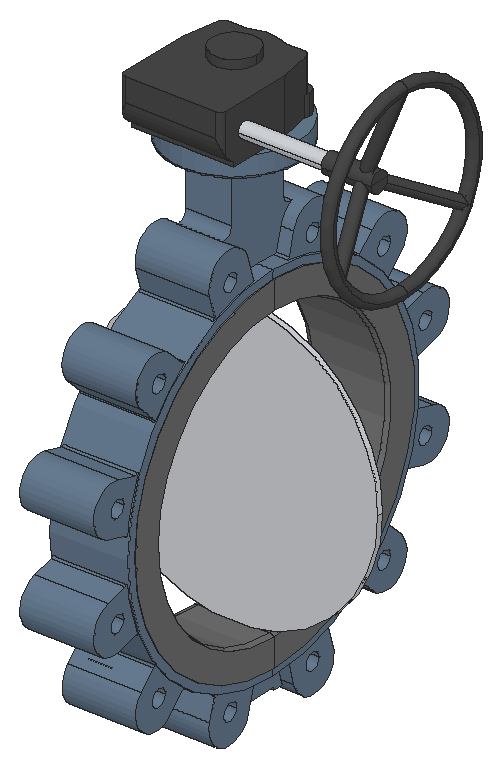
Revit family "HERZ Isolating Butterfly Valves AF-4219 with gearbox", category Rohrzubehör, Revit 2018
Family settings
  Bemaßung runder Anschluss = Durchmesser verwenden
  Teiletyp = Unterbricht
  OmniClass-Nummer = 23.65.55.14
  OmniClass-Titel = Valves for Liquid Services
  Arbeitsebenenbasiert = Nein
  Immer vertikal = Ja
  Beim Laden mit Abzugskörper schneiden = Nein
  Gemeinsam genutzt = Nein
Parameters
  Weight [instance] = size_lookup("4219_AF_G", "Gewicht", 3.8, Nennweite)  # 37.6
  URL = "www.herzvalves.com"
  Spindle = "stainless steel ASTM-A276 / Type 316"  # constant formula
  Screws [instance] = if(Nennweite = 50 mm, "4x M16x35", if(Nennweite = 65 mm, "4x M16x35", if(Nennweite = 80 mm, "8x M16x35", if(Nennweite = 100 mm, "8x M16x40", if(Nennweite = 125 mm, "8x M16x40", if(Nennweite = 150 mm, "8x M20x40", if(Nennweite = 200 mm, "12x M20x45", if(Nennweite = 250 mm, "12x M24x45", "12x M24x45"))))))))  # "12x M24x45"
  SCTWSEQ = "FW;SBT_TYP_FW=\"101\";2"
  SCTWCODE = "04;07;02"  # constant formula
  SCRNSEQ = "ARM;ARM_TYP=\"ALLF\";2"
  SCRNCODE = "05;13;02"  # constant formula
  R99 = 1.5 mm  # constant formula
  Part number [instance] = size_lookup("4219_AF_G", "Artnr", 421911, Nennweite)  # 1421979
  PN [instance] = size_lookup("4219_AF_G", "PN", 16, Nennweite)  # 10
  O-Ring = "EPDM according to ISO 1691"  # constant formula
  Min. operating temperature = "-20.00 °C with appropriate water-glycol mixture"  # constant formula
  Medium = "Heating water quality according ÖNORM H5195 or VDI-Standard 2035. The use of ethylene or propylene glycol in a\nmixing ratio 25- 50% is allowed."
  Max. operating temperature = 110 °C  # constant formula
  L04 [instance] = L01 - 3.5 mm  # 35.5 mm
  L03 [instance] = L01 + 1.5 mm  # 40.5 mm
  L02 [instance] = size_lookup("4219_AF_G", "L2", 14.5 mm, Nennweite)  # 30.5 mm
  L01 [instance] = size_lookup("4219_AF_G", "L1", 21.5 mm, Nennweite)  # 39 mm
  R01 [instance] = size_lookup("4219_AF_G", "R1", 44 mm, Nennweite)  # 65 mm
  Nennweite [instance] = 300 mm
  Hersteller = "HERZ Armaturen Ges.m.b.H."  # constant formula
  H02 [instance] = size_lookup("4219_AF_G", "H2", 13 mm, Nennweite)  # 20 mm
  H01 [instance] = size_lookup("4219_AF_G", "H1", 125 mm, Nennweite)  # 308 mm
  Flange = "according to EN1092-2"  # constant formula
  Torque in NM [instance] = size_lookup("4219_AF_G", "Nm", 20, Nennweite)  # 350
  Disc = "stainless steel 1.4408"  # constant formula
  DN80 [instance] = Nennweite = 80 mm  # no
  DN65 [instance] = Nennweite = 65 mm  # no
  DN50 [instance] = Nennweite = 50 mm  # no
  DN300 [instance] = Nennweite = 300 mm  # yes
  DN250 [instance] = Nennweite = 250 mm  # no
  DN200 [instance] = Nennweite = 200 mm  # no
  DN150 [instance] = Nennweite = 150 mm  # no
  DN125 [instance] = Nennweite = 125 mm  # no
  DN100 [instance] = Nennweite = 100 mm  # no
  D06 [instance] = size_lookup("4219_AF_G", "D6", 25.3 mm, Nennweite)  # 146.5 mm
  D05 [instance] = size_lookup("4219_AF_G", "D5", 24.5 mm, Nennweite)  # 145 mm
  D04 [instance] = D05 + 2 mm  # 147 mm
  D03 [instance] = size_lookup("4219_AF_G", "D3", 35.5 mm, Nennweite)  # 167.5 mm
  D02 [instance] = size_lookup("4219_AF_G", "D2", 41 mm, Nennweite)  # 175 mm
  D01 [instance] = size_lookup("4219_AF_G", "D1", 47 mm, Nennweite)  # 183 mm
  Body sealing = "EPDM according to ISO 1691"  # constant formula
  Body = "GGG, GJS-400-15/JS1030, according to EN1563"  # constant formula
  Application = "Suitable for fluids in building services, cold water systems, hot water saystems, etc."
Reference planes
  plane 1 "Mitte (Vorne/hinten)": y = 0
  plane 2: z = 0
  plane 3 "Mitte (Links/rechts)": x = 0
Forms (mm)
  Revolve 1, solid, material "Herz-Metall-blau", detail levels fine
    sketch origin (0, 0, 0) x (1, 0, 0) y (0, 0, 1)
      loop
        line (-30.5, 175) -> (-30.5, 167.5) -> (30.5, 167.5) -> (30.5, 175) -> (39, 175) -> (39, 183) -> (-39, 183) -> (-39, 175) -> (-30.5, 175)
      axis (-39, 0) -> (39, 0)
    angle from 0 to 360
  Revolve 2, solid, material "Herz-Metall-blau", detail levels fine
    sketch origin (0, 0, 0) x (1, 0, 0) y (0, 0, 1)
      loop
        line (-65, 308) -> (-65, 289.463)
        arc (-65, 289.463) -> (-64.673, 288.527) -> (-63.833, 288) r 1.5
        line (-63.833, 288) -> (0, 288) -> (0, 308) -> (-65, 308)
      axis (0, 308) -> (0, 288)
    angle from 0 to 360
  Extrusion 3, solid, material "Herz-Metall-blau", visible <- "DN50", detail levels fine
    sketch origin (0, 0, 0) x (0, 1, 0) y (0, 0, 1)
      loop
        line (56.215, -32.173) -> (43.95, -19.909)
        arc (43.95, -19.909) -> (43.387, -18.793) -> (43.596, -17.56) r 2
        arc (43.596, -17.56) -> (33.234, -33.234) -> (17.56, -43.596) r 47
        arc (17.56, -43.596) -> (18.793, -43.387) -> (19.909, -43.95) r 2
        line (19.909, -43.95) -> (32.173, -56.215)
        arc (32.173, -56.215) -> (56.215, -56.215) -> (56.215, -32.173) r 17
      loop
        arc (-56.215, -32.173) -> (-56.215, -56.215) -> (-32.173, -56.215) r 17
        line (-32.173, -56.215) -> (-19.909, -43.95)
        arc (-19.909, -43.95) -> (-18.793, -43.387) -> (-17.56, -43.596) r 2
        arc (-17.56, -43.596) -> (-33.234, -33.234) -> (-43.596, -17.56) r 47
        arc (-43.596, -17.56) -> (-43.387, -18.793) -> (-43.95, -19.909) r 2
        line (-43.95, -19.909) -> (-56.215, -32.173)
      loop
        arc (56.215, 32.173) -> (56.215, 56.215) -> (32.173, 56.215) r 17
        line (32.173, 56.215) -> (19.909, 43.95)
        arc (19.909, 43.95) -> (18.793, 43.387) -> (17.56, 43.596) r 2
        arc (17.56, 43.596) -> (33.234, 33.234) -> (43.596, 17.56) r 47
        arc (43.596, 17.56) -> (43.387, 18.793) -> (43.95, 19.909) r 2
        line (43.95, 19.909) -> (56.215, 32.173)
      loop
        line (-56.215, 32.173) -> (-43.95, 19.909)
        arc (-43.95, 19.909) -> (-43.387, 18.793) -> (-43.596, 17.56) r 2
        arc (-43.596, 17.56) -> (-33.234, 33.234) -> (-17.56, 43.596) r 47
        arc (-17.56, 43.596) -> (-18.793, 43.387) -> (-19.909, 43.95) r 2
        line (-19.909, 43.95) -> (-32.173, 56.215)
        arc (-32.173, 56.215) -> (-56.215, 56.215) -> (-56.215, 32.173) r 17
      loop
        circle (-44.194, 44.194) r 6.92
      loop
        circle (44.194, 44.194) r 6.92
      loop
        circle (44.194, -44.194) r 6.92
      loop
        circle (-44.194, -44.194) r 6.92
    from -19.5 to 19.5
  Extrusion 4, solid, material "Herz-Metall-blau", visible <- "DN50", detail levels fine
    sketch origin (0, 0, 0) x (0, 1, 0) y (0, 0, 1)
      loop
        line (20, 74.845) -> (20, 112) -> (-20, 112) -> (-20, 74.845)
        arc (-20, 74.845) -> (-26.046, 62.811) -> (-39.31, 60.477) r 15
        arc (-39.31, 60.477) -> (-35.477, 58.789) -> (-32.173, 56.215) r 17
        line (-32.173, 56.215) -> (-19.909, 43.95)
        arc (-19.909, 43.95) -> (-18.793, 43.387) -> (-17.56, 43.596) r 2
        arc (-17.56, 43.596) -> (0, 47) -> (17.56, 43.596) r 47
        arc (17.56, 43.596) -> (18.793, 43.387) -> (19.909, 43.95) r 2
        line (19.909, 43.95) -> (32.173, 56.215)
        arc (32.173, 56.215) -> (35.477, 58.789) -> (39.31, 60.477) r 17
        arc (39.31, 60.477) -> (26.046, 62.811) -> (20, 74.845) r 15
    from -15 to 15
  Extrusion 5, solid, material "Herz-Metall-blau", visible <- "DN50"
    sketch origin (0, 0, 0) x (0, 1, 0) y (0, 0, 1)
      loop
        arc (33.834, -58) -> (34.246, -58.062) -> (34.622, -58.243) r 1.4
        arc (34.622, -58.243) -> (33.35, -57.286) -> (32.173, -56.215) r 17
        line (32.173, -56.215) -> (19.909, -43.95)
        arc (19.909, -43.95) -> (18.793, -43.387) -> (17.56, -43.596) r 2
        arc (17.56, -43.596) -> (0, -47) -> (-17.56, -43.596) r 47
        arc (-17.56, -43.596) -> (-18.793, -43.387) -> (-19.909, -43.95) r 2
        line (-19.909, -43.95) -> (-32.173, -56.215)
        arc (-32.173, -56.215) -> (-33.35, -57.286) -> (-34.622, -58.243) r 17
        arc (-34.622, -58.243) -> (-34.246, -58.062) -> (-33.834, -58) r 1.4
        line (-33.834, -58) -> (-16.963, -58)
        arc (-16.963, -58) -> (-15.575, -58.575) -> (-15, -59.963) r 1.963
        line (-15, -59.963) -> (-15, -61) -> (15, -61) -> (15, -59.963)
        arc (15, -59.963) -> (15.575, -58.575) -> (16.963, -58) r 1.963
        line (16.963, -58) -> (33.834, -58)
    from -15 to 15
  Revolve 6, solid, material "Gummi", detail levels fine
    sketch origin (-134.5, 0, 0) x (1, 0, 0) y (0, 0, 1)
      loop
        line (94, 175) -> (94, 147) -> (99, 145) -> (170, 145) -> (175, 147) -> (175, 175) -> (165, 175) -> (165, 167.5) -> (104, 167.5) -> (104, 175) -> (94, 175)
      axis (94, 0) -> (175, 0)
    angle from 0 to 360
  Extrusion 7, solid, detail levels fine
    sketch origin (0, 0, 0) x (1, 0, 0) y (0, 0, 1)
      loop
        circle (0, 0) r 146.5
    from -2.5 to 2.5
  Extrusion 8, solid, material "Herz-Metall-blau", visible <- "DN65", detail levels fine
    sketch origin (0, -300, 0) x (0, 1, 0) y (0, 0, 1)
      loop
        circle (351.265, 51.265) r 6.92
      loop
        arc (363.286, 39.244) -> (363.286, 63.286) -> (339.244, 63.286) r 17
        line (339.244, 63.286) -> (328.595, 52.636)
        arc (328.595, 52.636) -> (327.499, 52.076) -> (326.282, 52.264) r 2
        arc (326.282, 52.264) -> (341.366, 41.366) -> (352.264, 26.282) r 58.501
        arc (352.264, 26.282) -> (352.087, 27.51) -> (352.656, 28.614) r 2.038
        line (352.656, 28.614) -> (363.286, 39.244)
      loop
        circle (351.265, -51.265) r 6.92
      loop
        line (363.286, -39.244) -> (352.656, -28.614)
        arc (352.656, -28.614) -> (352.087, -27.51) -> (352.264, -26.282) r 2.038
        arc (352.264, -26.282) -> (341.366, -41.366) -> (326.282, -52.264) r 58.501
        arc (326.282, -52.264) -> (327.499, -52.076) -> (328.595, -52.636) r 2
        line (328.595, -52.636) -> (339.244, -63.286)
        arc (339.244, -63.286) -> (363.286, -63.286) -> (363.286, -39.244) r 17
      loop
        circle (248.735, 51.265) r 6.92
      loop
        line (236.714, 39.244) -> (247.344, 28.614)
        arc (247.344, 28.614) -> (247.913, 27.51) -> (247.736, 26.282) r 2.038
        arc (247.736, 26.282) -> (258.634, 41.366) -> (273.718, 52.264) r 58.501
        arc (273.718, 52.264) -> (272.501, 52.076) -> (271.405, 52.636) r 2
        line (271.405, 52.636) -> (260.756, 63.286)
        arc (260.756, 63.286) -> (236.714, 63.286) -> (236.714, 39.244) r 17
      loop
        circle (248.735, -51.265) r 6.92
      loop
        arc (236.714, -39.244) -> (236.714, -63.286) -> (260.756, -63.286) r 17
        line (260.756, -63.286) -> (271.405, -52.636)
        arc (271.405, -52.636) -> (272.501, -52.076) -> (273.718, -52.264) r 2
        arc (273.718, -52.264) -> (258.634, -41.366) -> (247.736, -26.282) r 58.501
        arc (247.736, -26.282) -> (247.913, -27.51) -> (247.344, -28.614) r 2.038
        line (247.344, -28.614) -> (236.714, -39.244)
    from -21 to 21
  Extrusion 9, solid, material "Herz-Metall-blau", visible <- "DN65", detail levels fine
    sketch origin (0, -300, 0) x (0, 1, 0) y (0, 0, 1)
      loop
        line (278, 136.5) -> (278, 78.286)
        arc (278, 78.286) -> (272.889, 69.099) -> (263, 65.53) r 14.984
        line (263, 65.53) -> (257.982, 65.53)
        arc (257.982, 65.53) -> (259.428, 64.481) -> (260.756, 63.286) r 17
        line (260.756, 63.286) -> (271.405, 52.636)
        arc (271.405, 52.636) -> (272.501, 52.076) -> (273.718, 52.264) r 2
        arc (273.718, 52.264) -> (300, 58.5) -> (326.282, 52.264) r 58.5
        arc (326.282, 52.264) -> (327.499, 52.076) -> (328.595, 52.636) r 2
        line (328.595, 52.636) -> (339.244, 63.286)
        arc (339.244, 63.286) -> (340.572, 64.481) -> (342.018, 65.53) r 17
        line (342.018, 65.53) -> (337, 65.53)
        arc (337, 65.53) -> (327.111, 69.099) -> (322, 78.286) r 14.984
        line (322, 78.286) -> (322, 136.5) -> (278, 136.5)
      loop
        arc (260.756, -63.286) -> (259.428, -64.481) -> (257.982, -65.53) r 17
        line (257.982, -65.53) -> (280.029, -65.53)
        arc (280.029, -65.53) -> (281.423, -66.108) -> (282, -67.501) r 1.971
        line (282, -67.501) -> (282, -74) -> (318, -74) -> (318, -67.527)
        arc (318, -67.527) -> (318.585, -66.115) -> (319.997, -65.53) r 1.997
        line (319.997, -65.53) -> (342.018, -65.53)
        arc (342.018, -65.53) -> (340.572, -64.481) -> (339.244, -63.286) r 17
        line (339.244, -63.286) -> (328.595, -52.636)
        arc (328.595, -52.636) -> (327.499, -52.076) -> (326.282, -52.264) r 2
        arc (326.282, -52.264) -> (300, -58.5) -> (273.718, -52.264) r 58.5
        arc (273.718, -52.264) -> (272.501, -52.076) -> (271.405, -52.636) r 2
        line (271.405, -52.636) -> (260.756, -63.286)
    from -18 to 18
  Extrusion 10, solid, material "Herz-Metall-blau", visible <- "DN80", detail levels fine
    sketch origin (0, -300, 0) x (0, 1, 0) y (0, 0, 1)
      loop
        circle (269.385, 73.91) r 6.92
      loop
        arc (285.091, 80.416) -> (262.88, 89.616) -> (253.679, 67.405) r 17
        line (253.679, 67.405) -> (259.513, 53.322)
        arc (259.513, 53.322) -> (259.602, 52.073) -> (258.924, 51.02) r 1.982
        arc (258.924, 51.02) -> (274.934, 60.514) -> (292.968, 65.121) r 65.5
        arc (292.968, 65.121) -> (291.745, 65.388) -> (290.924, 66.335) r 1.984
        line (290.924, 66.335) -> (285.091, 80.416)
      loop
        circle (226.09, 30.615) r 6.92
      loop
        line (219.584, 14.909) -> (233.665, 9.076)
        arc (233.665, 9.076) -> (234.612, 8.255) -> (234.879, 7.032) r 1.984
        arc (234.879, 7.032) -> (239.486, 25.066) -> (248.98, 41.076) r 65.5
        arc (248.98, 41.076) -> (247.927, 40.398) -> (246.678, 40.487) r 1.982
        line (246.678, 40.487) -> (232.595, 46.321)
        arc (232.595, 46.321) -> (210.384, 37.12) -> (219.584, 14.909) r 17
      loop
        circle (269.385, -73.91) r 6.92
      loop
        line (285.091, -80.416) -> (290.924, -66.335)
        arc (290.924, -66.335) -> (291.745, -65.388) -> (292.968, -65.121) r 1.984
        arc (292.968, -65.121) -> (274.934, -60.514) -> (258.924, -51.02) r 65.5
        arc (258.924, -51.02) -> (259.602, -52.073) -> (259.513, -53.322) r 1.982
        line (259.513, -53.322) -> (253.679, -67.405)
        arc (253.679, -67.405) -> (262.88, -89.616) -> (285.091, -80.416) r 17
      loop
        circle (226.09, -30.615) r 6.92
      loop
        arc (219.584, -14.909) -> (210.384, -37.12) -> (232.595, -46.321) r 17
        line (232.595, -46.321) -> (246.678, -40.487)
        arc (246.678, -40.487) -> (247.927, -40.398) -> (248.98, -41.076) r 1.982
        arc (248.98, -41.076) -> (239.486, -25.066) -> (234.879, -7.032) r 65.5
        arc (234.879, -7.032) -> (234.612, -8.255) -> (233.665, -9.076) r 1.984
        line (233.665, -9.076) -> (219.584, -14.909)
      loop
        circle (330.615, 73.91) r 6.92
      loop
        line (314.909, 80.416) -> (309.076, 66.335)
        arc (309.076, 66.335) -> (308.255, 65.388) -> (307.032, 65.121) r 1.984
        arc (307.032, 65.121) -> (325.066, 60.514) -> (341.076, 51.02) r 65.5
        arc (341.076, 51.02) -> (340.398, 52.073) -> (340.487, 53.322) r 1.982
        line (340.487, 53.322) -> (346.321, 67.405)
        arc (346.321, 67.405) -> (337.12, 89.616) -> (314.909, 80.416) r 17
      loop
        circle (373.91, 30.615) r 6.92
      loop
        arc (380.416, 14.909) -> (389.616, 37.12) -> (367.405, 46.321) r 17
        line (367.405, 46.321) -> (353.322, 40.487)
        arc (353.322, 40.487) -> (352.073, 40.398) -> (351.02, 41.076) r 1.982
        arc (351.02, 41.076) -> (360.514, 25.066) -> (365.121, 7.032) r 65.5
        arc (365.121, 7.032) -> (365.388, 8.255) -> (366.335, 9.076) r 1.984
        line (366.335, 9.076) -> (380.416, 14.909)
      loop
        circle (330.615, -73.91) r 6.92
      loop
        arc (314.909, -80.416) -> (337.12, -89.616) -> (346.321, -67.405) r 17
        line (346.321, -67.405) -> (340.487, -53.322)
        arc (340.487, -53.322) -> (340.398, -52.073) -> (341.076, -51.02) r 1.982
        arc (341.076, -51.02) -> (325.066, -60.514) -> (307.032, -65.121) r 65.5
        arc (307.032, -65.121) -> (308.255, -65.388) -> (309.076, -66.335) r 1.984
        line (309.076, -66.335) -> (314.909, -80.416)
      loop
        circle (373.91, -30.615) r 6.92
      loop
        line (380.416, -14.909) -> (366.335, -9.076)
        arc (366.335, -9.076) -> (365.388, -8.255) -> (365.121, -7.032) r 1.984
        arc (365.121, -7.032) -> (360.514, -25.066) -> (351.02, -41.076) r 65.5
        arc (351.02, -41.076) -> (352.073, -40.398) -> (353.322, -40.487) r 1.982
        line (353.322, -40.487) -> (367.405, -46.321)
        arc (367.405, -46.321) -> (389.616, -37.12) -> (380.416, -14.909) r 17
    from -21 to 21
  Extrusion 11, solid, material "Herz-Metall-blau", visible <- "DN80", detail levels fine
    sketch origin (0, -300, 0) x (0, 1, 0) y (0, 0, 1)
      loop
        line (278, 143.5) -> (278, 100.814)
        arc (278, 100.814) -> (275.545, 94.251) -> (269.385, 90.91) r 10
        arc (269.385, 90.91) -> (278.83, 88.045) -> (285.091, 80.416) r 17
        line (285.091, 80.416) -> (290.924, 66.335)
        arc (290.924, 66.335) -> (291.744, 65.388) -> (292.968, 65.121) r 1.984
        arc (292.968, 65.121) -> (300, 65.497) -> (307.032, 65.121) r 66.05
        arc (307.032, 65.121) -> (308.256, 65.388) -> (309.076, 66.335) r 1.984
        line (309.076, 66.335) -> (314.909, 80.416)
        arc (314.909, 80.416) -> (321.17, 88.045) -> (330.615, 90.91) r 17
        arc (330.615, 90.91) -> (324.455, 94.251) -> (322, 100.814) r 10
        line (322, 100.814) -> (322, 143.5) -> (278, 143.5)
      loop
        line (285.091, -80.416) -> (286.5, -80.946) -> (313.5, -80.946) -> (314.89, -80.371) -> (309.076, -66.335)
        arc (309.076, -66.335) -> (308.256, -65.388) -> (307.032, -65.121) r 1.984
        arc (307.032, -65.121) -> (300, -65.497) -> (292.968, -65.121) r 66.05
        arc (292.968, -65.121) -> (291.744, -65.388) -> (290.924, -66.335) r 1.984
        line (290.924, -66.335) -> (285.091, -80.416)
    from -18.5 to 18.5
  Extrusion 12, solid, material "Herz-Metall-blau", visible <- "DN100", detail levels fine
    sketch origin (0, -300, 0) x (0, 1, 0) y (0, 0, 1)
      loop
        circle (265.558, 83.149) r 6.92
      loop
        arc (281.264, 89.655) -> (259.053, 98.855) -> (249.853, 76.644) r 17
        line (249.853, 76.644) -> (255.731, 62.451)
        arc (255.731, 62.451) -> (255.813, 61.14) -> (255.074, 60.055) r 2.025
        arc (255.074, 60.055) -> (271.3, 69.291) -> (289.305, 74.233) r 75
        arc (289.305, 74.233) -> (288.012, 74.478) -> (287.142, 75.464) r 2.027
        line (287.142, 75.464) -> (281.264, 89.655)
      loop
        circle (216.851, 34.442) r 6.92
      loop
        line (210.345, 18.736) -> (224.536, 12.858)
        arc (224.536, 12.858) -> (225.522, 11.988) -> (225.767, 10.695) r 2.027
        arc (225.767, 10.695) -> (230.709, 28.7) -> (239.945, 44.926) r 75
        arc (239.945, 44.926) -> (238.86, 44.187) -> (237.549, 44.269) r 2.025
        line (237.549, 44.269) -> (223.356, 50.147)
        arc (223.356, 50.147) -> (201.145, 40.947) -> (210.345, 18.736) r 17
      loop
        circle (265.558, -83.149) r 6.92
      loop
        line (281.264, -89.655) -> (287.142, -75.464)
        arc (287.142, -75.464) -> (288.012, -74.478) -> (289.305, -74.233) r 2.027
        arc (289.305, -74.233) -> (271.3, -69.291) -> (255.074, -60.055) r 75
        arc (255.074, -60.055) -> (255.813, -61.14) -> (255.731, -62.451) r 2.025
        line (255.731, -62.451) -> (249.853, -76.644)
        arc (249.853, -76.644) -> (259.053, -98.855) -> (281.264, -89.655) r 17
      loop
        circle (216.851, -34.442) r 6.92
      loop
        arc (210.345, -18.736) -> (201.145, -40.947) -> (223.356, -50.147) r 17
        line (223.356, -50.147) -> (237.549, -44.269)
        arc (237.549, -44.269) -> (238.86, -44.187) -> (239.945, -44.926) r 2.025
        arc (239.945, -44.926) -> (230.709, -28.7) -> (225.767, -10.695) r 75
        arc (225.767, -10.695) -> (225.522, -11.988) -> (224.536, -12.858) r 2.027
        line (224.536, -12.858) -> (210.345, -18.736)
      loop
        circle (334.442, 83.149) r 6.92
      loop
        line (318.736, 89.655) -> (312.858, 75.464)
        arc (312.858, 75.464) -> (311.988, 74.478) -> (310.695, 74.233) r 2.027
        arc (310.695, 74.233) -> (328.7, 69.291) -> (344.926, 60.055) r 75
        arc (344.926, 60.055) -> (344.187, 61.14) -> (344.269, 62.451) r 2.025
        line (344.269, 62.451) -> (350.147, 76.644)
        arc (350.147, 76.644) -> (340.947, 98.855) -> (318.736, 89.655) r 17
      loop
        circle (383.149, 34.442) r 6.92
      loop
        arc (389.655, 18.736) -> (398.855, 40.947) -> (376.644, 50.147) r 17
        line (376.644, 50.147) -> (362.451, 44.269)
        arc (362.451, 44.269) -> (361.14, 44.187) -> (360.055, 44.926) r 2.025
        arc (360.055, 44.926) -> (369.291, 28.7) -> (374.233, 10.695) r 75
        arc (374.233, 10.695) -> (374.478, 11.988) -> (375.464, 12.858) r 2.027
        line (375.464, 12.858) -> (389.655, 18.736)
      loop
        circle (334.442, -83.149) r 6.92
      loop
        arc (318.736, -89.655) -> (340.947, -98.855) -> (350.147, -76.644) r 17
        line (350.147, -76.644) -> (344.269, -62.451)
        arc (344.269, -62.451) -> (344.187, -61.14) -> (344.926, -60.055) r 2.025
        arc (344.926, -60.055) -> (328.7, -69.291) -> (310.695, -74.233) r 75
        arc (310.695, -74.233) -> (311.988, -74.478) -> (312.858, -75.464) r 2.027
        line (312.858, -75.464) -> (318.736, -89.655)
      loop
        circle (383.149, -34.442) r 6.92
      loop
        line (389.655, -18.736) -> (375.464, -12.858)
        arc (375.464, -12.858) -> (374.478, -11.988) -> (374.233, -10.695) r 2.027
        arc (374.233, -10.695) -> (369.291, -28.7) -> (360.055, -44.926) r 75
        arc (360.055, -44.926) -> (361.14, -44.187) -> (362.451, -44.269) r 2.025
        line (362.451, -44.269) -> (376.644, -50.147)
        arc (376.644, -50.147) -> (398.855, -40.947) -> (389.655, -18.736) r 17
    from -24 to 24
  Extrusion 13, solid, material "Herz-Metall-blau", visible <- "DN100", detail levels fine
    sketch origin (0, -300, 0) x (0, 1, 0) y (0, 0, 1)
      loop
        line (274, 167) -> (274, 114.47)
        arc (274, 114.47) -> (270.644, 105.014) -> (262.078, 99.789) r 15
        arc (262.078, 99.789) -> (273.498, 98.181) -> (281.264, 89.655) r 17
        line (281.264, 89.655) -> (287.142, 75.464)
        arc (287.142, 75.464) -> (288.012, 74.478) -> (289.305, 74.233) r 2.027
        arc (289.305, 74.233) -> (300, 75) -> (310.695, 74.233) r 75
        arc (310.695, 74.233) -> (311.988, 74.478) -> (312.858, 75.464) r 2.027
        line (312.858, 75.464) -> (318.736, 89.655)
        arc (318.736, 89.655) -> (326.502, 98.181) -> (337.922, 99.789) r 17
        arc (337.922, 99.789) -> (329.356, 105.014) -> (326, 114.47) r 15
        line (326, 114.47) -> (326, 167) -> (274, 167)
      loop
        line (286.5, -93) -> (313.5, -93) -> (313.5, -96) -> (323.312, -96)
        arc (323.312, -96) -> (320.654, -93.094) -> (318.736, -89.655) r 17
        line (318.736, -89.655) -> (312.858, -75.464)
        arc (312.858, -75.464) -> (311.988, -74.478) -> (310.695, -74.233) r 2.027
        arc (310.695, -74.233) -> (300, -75) -> (289.305, -74.233) r 75
        arc (289.305, -74.233) -> (288.012, -74.478) -> (287.142, -75.464) r 2.027
        line (287.142, -75.464) -> (281.264, -89.655)
        arc (281.264, -89.655) -> (279.346, -93.094) -> (276.688, -96) r 17
        line (276.688, -96) -> (286.5, -96) -> (286.5, -93)
    from -18 to 18
  Extrusion 14, solid, material "Herz-Metall-blau", visible <- "DN125", detail levels fine
    sketch origin (0, -300, 0) x (0, 1, 0) y (0, 0, 1)
      loop
        circle (259.818, 97.007) r 6.92
      loop
        arc (275.524, 103.513) -> (253.313, 112.713) -> (244.112, 90.502) r 17
        line (244.112, 90.502) -> (249.217, 78.179)
        arc (249.217, 78.179) -> (249.286, 76.825) -> (248.485, 75.731) r 2.023
        arc (248.485, 75.731) -> (264.902, 84.594) -> (282.772, 89.957) r 91.852
        arc (282.772, 89.957) -> (281.505, 90.18) -> (280.649, 91.141) r 1.958
        line (280.649, 91.141) -> (275.524, 103.513)
      loop
        circle (202.993, 40.182) r 6.92
      loop
        line (196.487, 24.476) -> (208.859, 19.351)
        arc (208.859, 19.351) -> (209.82, 18.495) -> (210.043, 17.228) r 1.958
        arc (210.043, 17.228) -> (215.406, 35.098) -> (224.269, 51.515) r 91.852
        arc (224.269, 51.515) -> (223.175, 50.714) -> (221.821, 50.783) r 2.023
        line (221.821, 50.783) -> (209.498, 55.888)
        arc (209.498, 55.888) -> (187.287, 46.687) -> (196.487, 24.476) r 17
      loop
        circle (259.818, -97.007) r 6.92
      loop
        line (275.524, -103.513) -> (280.649, -91.141)
        arc (280.649, -91.141) -> (281.505, -90.18) -> (282.772, -89.957) r 1.958
        arc (282.772, -89.957) -> (264.902, -84.594) -> (248.485, -75.731) r 91.852
        arc (248.485, -75.731) -> (249.286, -76.825) -> (249.217, -78.179) r 2.023
        line (249.217, -78.179) -> (244.112, -90.502)
        arc (244.112, -90.502) -> (253.313, -112.713) -> (275.524, -103.513) r 17
      loop
        circle (202.993, -40.182) r 6.92
      loop
        arc (196.487, -24.476) -> (187.287, -46.687) -> (209.498, -55.888) r 17
        line (209.498, -55.888) -> (221.821, -50.783)
        arc (221.821, -50.783) -> (223.175, -50.714) -> (224.269, -51.515) r 2.023
        arc (224.269, -51.515) -> (215.406, -35.098) -> (210.043, -17.228) r 91.852
        arc (210.043, -17.228) -> (209.82, -18.495) -> (208.859, -19.351) r 1.958
        line (208.859, -19.351) -> (196.487, -24.476)
      loop
        circle (340.182, 97.007) r 6.92
      loop
        line (324.476, 103.513) -> (319.351, 91.141)
        arc (319.351, 91.141) -> (318.495, 90.18) -> (317.228, 89.957) r 1.958
        arc (317.228, 89.957) -> (335.098, 84.594) -> (351.515, 75.731) r 91.852
        arc (351.515, 75.731) -> (350.714, 76.825) -> (350.783, 78.179) r 2.023
        line (350.783, 78.179) -> (355.888, 90.502)
        arc (355.888, 90.502) -> (346.687, 112.713) -> (324.476, 103.513) r 17
      loop
        circle (397.007, 40.182) r 6.92
      loop
        arc (403.513, 24.476) -> (412.713, 46.687) -> (390.502, 55.888) r 17
        line (390.502, 55.888) -> (378.179, 50.783)
        arc (378.179, 50.783) -> (376.825, 50.714) -> (375.731, 51.515) r 2.023
        arc (375.731, 51.515) -> (384.594, 35.098) -> (389.957, 17.228) r 91.852
        arc (389.957, 17.228) -> (390.18, 18.495) -> (391.141, 19.351) r 1.958
        line (391.141, 19.351) -> (403.513, 24.476)
      loop
        circle (340.182, -97.007) r 6.92
      loop
        arc (324.476, -103.513) -> (346.687, -112.713) -> (355.888, -90.502) r 17
        line (355.888, -90.502) -> (350.783, -78.179)
        arc (350.783, -78.179) -> (350.714, -76.825) -> (351.515, -75.731) r 2.023
        arc (351.515, -75.731) -> (335.098, -84.594) -> (317.228, -89.957) r 91.852
        arc (317.228, -89.957) -> (318.495, -90.18) -> (319.351, -91.141) r 1.958
        line (319.351, -91.141) -> (324.476, -103.513)
      loop
        circle (397.007, -40.182) r 6.92
      loop
        line (403.513, -24.476) -> (391.141, -19.351)
        arc (391.141, -19.351) -> (390.18, -18.495) -> (389.957, -17.228) r 1.958
        arc (389.957, -17.228) -> (384.594, -35.098) -> (375.731, -51.515) r 91.852
        arc (375.731, -51.515) -> (376.825, -50.714) -> (378.179, -50.783) r 2.023
        line (378.179, -50.783) -> (390.502, -55.888)
        arc (390.502, -55.888) -> (412.713, -46.687) -> (403.513, -24.476) r 17
    from -26 to 26
  Extrusion 15, solid, material "Herz-Metall-blau", visible <- "DN125", detail levels fine
    sketch origin (0, -300, 0) x (0, 1, 0) y (0, 0, 1)
      loop
        line (273.999, 186) -> (273.95, 123.689)
        arc (273.95, 123.689) -> (270.458, 116.096) -> (262.42, 113.807) r 10
        arc (262.42, 113.807) -> (270.32, 110.376) -> (275.524, 103.513) r 17
        line (275.524, 103.513) -> (280.649, 91.141)
        arc (280.649, 91.141) -> (281.528, 90.167) -> (282.825, 89.967) r 1.958
        arc (282.825, 89.967) -> (299.999, 91.589) -> (317.173, 89.967) r 91.7
        arc (317.173, 89.967) -> (318.469, 90.167) -> (319.348, 91.141) r 1.958
        line (319.348, 91.141) -> (324.473, 103.513)
        arc (324.473, 103.513) -> (329.677, 110.376) -> (337.577, 113.807) r 17
        arc (337.577, 113.807) -> (329.539, 116.096) -> (325.999, 123.689) r 10
        line (325.999, 123.689) -> (325.999, 186) -> (273.999, 186)
      loop
        line (286.499, -110.51) -> (313.499, -110.51) -> (313.499, -113.51) -> (336.099, -113.51)
        arc (336.099, -113.51) -> (329.095, -109.897) -> (324.473, -103.513) r 17
        line (324.473, -103.513) -> (319.348, -91.141)
        arc (319.348, -91.141) -> (318.469, -90.167) -> (317.173, -89.967) r 1.958
        arc (317.173, -89.967) -> (299.999, -91.589) -> (282.825, -89.967) r 91.7
        arc (282.825, -89.967) -> (281.528, -90.167) -> (280.649, -91.141) r 1.958
        line (280.649, -91.141) -> (275.524, -103.513)
        arc (275.524, -103.513) -> (270.902, -109.897) -> (263.898, -113.51) r 17
        line (263.898, -113.51) -> (286.499, -113.51) -> (286.499, -110.51)
    from -18 to 18
  Extrusion 16, solid, material "Herz-Metall-blau", visible <- "DN150", detail levels fine
    sketch origin (0, -300, 0) x (0, 1, 0) y (0, 0, 1)
      loop
        circle (254.078, 110.866) r 8.645
      loop
        arc (273.479, 118.902) -> (246.042, 130.267) -> (234.677, 102.829) r 21
        line (234.677, 102.829) -> (241.591, 86.136)
        arc (241.591, 86.136) -> (241.664, 84.82) -> (240.899, 83.746) r 1.993
        arc (240.899, 83.746) -> (260.776, 94.698) -> (282.575, 101.008) r 102.504
        arc (282.575, 101.008) -> (281.263, 101.248) -> (280.379, 102.246) r 2.042
        line (280.379, 102.246) -> (273.479, 118.902)
      loop
        circle (189.134, 45.922) r 8.645
      loop
        line (181.098, 26.521) -> (197.754, 19.621)
        arc (197.754, 19.621) -> (198.752, 18.737) -> (198.992, 17.425) r 2.042
        arc (198.992, 17.425) -> (205.302, 39.224) -> (216.254, 59.101) r 102.504
        arc (216.254, 59.101) -> (215.18, 58.336) -> (213.864, 58.409) r 1.993
        line (213.864, 58.409) -> (197.171, 65.323)
        arc (197.171, 65.323) -> (169.733, 53.958) -> (181.098, 26.521) r 21
      loop
        circle (254.078, -110.866) r 8.645
      loop
        line (273.479, -118.902) -> (280.379, -102.246)
        arc (280.379, -102.246) -> (281.263, -101.248) -> (282.575, -101.008) r 2.042
        arc (282.575, -101.008) -> (260.776, -94.698) -> (240.899, -83.746) r 102.504
        arc (240.899, -83.746) -> (241.664, -84.82) -> (241.591, -86.136) r 1.993
        line (241.591, -86.136) -> (234.677, -102.829)
        arc (234.677, -102.829) -> (246.042, -130.267) -> (273.479, -118.902) r 21
      loop
        circle (189.134, -45.922) r 8.645
      loop
        arc (181.098, -26.521) -> (169.733, -53.958) -> (197.171, -65.323) r 21
        line (197.171, -65.323) -> (213.864, -58.409)
        arc (213.864, -58.409) -> (215.18, -58.336) -> (216.254, -59.101) r 1.993
        arc (216.254, -59.101) -> (205.302, -39.224) -> (198.992, -17.425) r 102.504
        arc (198.992, -17.425) -> (198.752, -18.737) -> (197.754, -19.621) r 2.042
        line (197.754, -19.621) -> (181.098, -26.521)
      loop
        circle (345.922, 110.866) r 8.645
      loop
        line (326.521, 118.902) -> (319.621, 102.246)
        arc (319.621, 102.246) -> (318.737, 101.248) -> (317.425, 101.008) r 2.042
        arc (317.425, 101.008) -> (339.224, 94.698) -> (359.101, 83.746) r 102.504
        arc (359.101, 83.746) -> (358.336, 84.82) -> (358.409, 86.136) r 1.993
        line (358.409, 86.136) -> (365.323, 102.829)
        arc (365.323, 102.829) -> (353.958, 130.267) -> (326.521, 118.902) r 21
      loop
        circle (410.866, 45.922) r 8.645
      loop
        arc (418.902, 26.521) -> (430.267, 53.958) -> (402.829, 65.323) r 21
        line (402.829, 65.323) -> (386.136, 58.409)
        arc (386.136, 58.409) -> (384.82, 58.336) -> (383.746, 59.101) r 1.993
        arc (383.746, 59.101) -> (394.698, 39.224) -> (401.008, 17.425) r 102.504
        arc (401.008, 17.425) -> (401.248, 18.737) -> (402.246, 19.621) r 2.042
        line (402.246, 19.621) -> (418.902, 26.521)
      loop
        circle (345.922, -110.866) r 8.645
      loop
        arc (326.521, -118.902) -> (353.958, -130.267) -> (365.323, -102.829) r 21
        line (365.323, -102.829) -> (358.409, -86.136)
        arc (358.409, -86.136) -> (358.336, -84.82) -> (359.101, -83.746) r 1.993
        arc (359.101, -83.746) -> (339.224, -94.698) -> (317.425, -101.008) r 102.504
        arc (317.425, -101.008) -> (318.737, -101.248) -> (319.621, -102.246) r 2.042
        line (319.621, -102.246) -> (326.521, -118.902)
      loop
        circle (410.866, -45.922) r 8.645
      loop
        line (418.902, -26.521) -> (402.246, -19.621)
        arc (402.246, -19.621) -> (401.248, -18.737) -> (401.008, -17.425) r 2.042
        arc (401.008, -17.425) -> (394.698, -39.224) -> (383.746, -59.101) r 102.504
        arc (383.746, -59.101) -> (384.82, -58.336) -> (386.136, -58.409) r 1.993
        line (386.136, -58.409) -> (402.829, -65.323)
        arc (402.829, -65.323) -> (430.267, -53.958) -> (418.902, -26.521) r 21
    from -26 to 26
  Extrusion 17, solid, material "Herz-Metall-blau", visible <- "DN150", detail levels fine
    sketch origin (0, -300, 0) x (0, 1, 0) y (0, 0, 1)
      loop
        line (274, 199) -> (274, 135)
        arc (274, 135) -> (272.527, 129.776) -> (268.541, 126.091) r 10
        arc (268.541, 126.091) -> (271.388, 122.755) -> (273.479, 118.902) r 21
        line (273.479, 118.902) -> (280.379, 102.246)
        arc (280.379, 102.246) -> (281.28, 101.239) -> (282.612, 101.014) r 2.042
        arc (282.612, 101.014) -> (300, 102.5) -> (317.388, 101.014) r 102.5
        arc (317.388, 101.014) -> (318.72, 101.239) -> (319.621, 102.246) r 2.042
        line (319.621, 102.246) -> (326.521, 118.902)
        arc (326.521, 118.902) -> (328.612, 122.755) -> (331.459, 126.091) r 21
        arc (331.459, 126.091) -> (327.473, 129.776) -> (326, 135) r 10
        line (326, 135) -> (326, 199) -> (274, 199)
      loop
        line (286.5, -122.5) -> (313.5, -122.5) -> (313.5, -125.5) -> (330.861, -125.5)
        arc (330.861, -125.5) -> (328.378, -122.407) -> (326.521, -118.902) r 21
        line (326.521, -118.902) -> (319.621, -102.246)
        arc (319.621, -102.246) -> (318.72, -101.239) -> (317.388, -101.014) r 2.042
        arc (317.388, -101.014) -> (300, -102.5) -> (282.612, -101.014) r 102.5
        arc (282.612, -101.014) -> (281.28, -101.239) -> (280.379, -102.246) r 2.042
        line (280.379, -102.246) -> (273.479, -118.902)
        arc (273.479, -118.902) -> (271.622, -122.407) -> (269.139, -125.5) r 21
        line (269.139, -125.5) -> (286.5, -125.5) -> (286.5, -122.5)
    from -18 to 18
  Extrusion 18, solid, material "Herz-Metall-blau", visible <- "DN200", detail levels fine
    sketch origin (0, -400, 0) x (0, 1, 0) y (0, 0, 1)
      loop
        circle (361.824, 142.474) r 8.645
      loop
        arc (382.109, 147.909) -> (356.389, 162.759) -> (341.54, 137.039) r 21
        line (341.54, 137.039) -> (345.801, 121.136)
        arc (345.801, 121.136) -> (345.679, 119.74) -> (344.688, 118.75) r 2.048
        arc (344.688, 118.75) -> (366.062, 126.527) -> (388.459, 130.491) r 131
        arc (388.459, 130.491) -> (387.159, 130.838) -> (386.388, 131.939) r 1.965
        line (386.388, 131.939) -> (382.109, 147.909)
      loop
        circle (257.526, 38.176) r 8.645
      loop
        line (252.091, 17.891) -> (268.061, 13.612)
        arc (268.061, 13.612) -> (269.162, 12.841) -> (269.509, 11.541) r 1.965
        arc (269.509, 11.541) -> (273.473, 33.938) -> (281.25, 55.312) r 131
        arc (281.25, 55.312) -> (280.26, 54.321) -> (278.864, 54.199) r 2.048
        line (278.864, 54.199) -> (262.961, 58.46)
        arc (262.961, 58.46) -> (237.241, 43.611) -> (252.091, 17.891) r 21
      loop
        circle (295.702, 104.298) r 8.645
      loop
        line (280.853, 89.449) -> (292.543, 77.758)
        arc (292.543, 77.758) -> (293.111, 76.539) -> (292.762, 75.24) r 1.965
        arc (292.762, 75.24) -> (307.393, 92.655) -> (324.816, 107.277) r 131
        arc (324.816, 107.277) -> (323.463, 106.914) -> (322.193, 107.506) r 2.048
        line (322.193, 107.506) -> (310.551, 119.147)
        arc (310.551, 119.147) -> (280.853, 119.147) -> (280.853, 89.449) r 21
      loop
        circle (361.824, -142.474) r 8.645
      loop
        line (382.109, -147.909) -> (386.388, -131.939)
        arc (386.388, -131.939) -> (387.159, -130.838) -> (388.459, -130.491) r 1.965
        arc (388.459, -130.491) -> (366.062, -126.527) -> (344.688, -118.75) r 131
        arc (344.688, -118.75) -> (345.679, -119.74) -> (345.801, -121.136) r 2.048
        line (345.801, -121.136) -> (341.54, -137.039)
        arc (341.54, -137.039) -> (356.389, -162.759) -> (382.109, -147.909) r 21
      loop
        circle (257.526, -38.176) r 8.645
      loop
        arc (252.091, -17.891) -> (237.241, -43.611) -> (262.961, -58.46) r 21
        line (262.961, -58.46) -> (278.864, -54.199)
        arc (278.864, -54.199) -> (280.26, -54.321) -> (281.25, -55.312) r 2.048
        arc (281.25, -55.312) -> (273.473, -33.938) -> (269.509, -11.541) r 131
        arc (269.509, -11.541) -> (269.162, -12.841) -> (268.061, -13.612) r 1.965
        line (268.061, -13.612) -> (252.091, -17.891)
      loop
        circle (295.702, -104.298) r 8.645
      loop
        arc (280.853, -89.449) -> (280.853, -119.147) -> (310.551, -119.147) r 21
        line (310.551, -119.147) -> (322.193, -107.506)
        arc (322.193, -107.506) -> (323.463, -106.914) -> (324.816, -107.277) r 2.048
        arc (324.816, -107.277) -> (307.393, -92.655) -> (292.762, -75.24) r 131
        arc (292.762, -75.24) -> (293.111, -76.539) -> (292.543, -77.758) r 1.965
        line (292.543, -77.758) -> (280.853, -89.449)
      loop
        circle (438.176, 142.474) r 8.645
      loop
        line (417.891, 147.909) -> (413.612, 131.939)
        arc (413.612, 131.939) -> (412.841, 130.838) -> (411.541, 130.491) r 1.965
        arc (411.541, 130.491) -> (433.938, 126.527) -> (455.312, 118.75) r 131
        arc (455.312, 118.75) -> (454.321, 119.74) -> (454.199, 121.136) r 2.048
        line (454.199, 121.136) -> (458.46, 137.039)
        arc (458.46, 137.039) -> (443.611, 162.759) -> (417.891, 147.909) r 21
      loop
        circle (542.474, 38.176) r 8.645
      loop
        arc (547.909, 17.891) -> (562.759, 43.611) -> (537.039, 58.46) r 21
        line (537.039, 58.46) -> (521.136, 54.199)
        arc (521.136, 54.199) -> (519.74, 54.321) -> (518.75, 55.312) r 2.048
        arc (518.75, 55.312) -> (526.527, 33.938) -> (530.491, 11.541) r 131
        arc (530.491, 11.541) -> (530.838, 12.841) -> (531.939, 13.612) r 1.965
        line (531.939, 13.612) -> (547.909, 17.891)
      loop
        circle (504.298, 104.298) r 8.645
      loop
        arc (519.147, 89.449) -> (519.147, 119.147) -> (489.449, 119.147) r 21
        line (489.449, 119.147) -> (477.807, 107.506)
        arc (477.807, 107.506) -> (476.537, 106.914) -> (475.184, 107.277) r 2.048
        arc (475.184, 107.277) -> (492.607, 92.655) -> (507.238, 75.24) r 131
        arc (507.238, 75.24) -> (506.889, 76.539) -> (507.457, 77.758) r 1.965
        line (507.457, 77.758) -> (519.147, 89.449)
      loop
        circle (438.176, -142.474) r 8.645
      loop
        arc (417.891, -147.909) -> (443.611, -162.759) -> (458.46, -137.039) r 21
        line (458.46, -137.039) -> (454.199, -121.136)
        arc (454.199, -121.136) -> (454.321, -119.74) -> (455.312, -118.75) r 2.048
        arc (455.312, -118.75) -> (433.938, -126.527) -> (411.541, -130.491) r 131
        arc (411.541, -130.491) -> (412.841, -130.838) -> (413.612, -131.939) r 1.965
        line (413.612, -131.939) -> (417.891, -147.909)
      loop
        circle (542.474, -38.176) r 8.645
      loop
        line (547.909, -17.891) -> (531.939, -13.612)
        arc (531.939, -13.612) -> (530.838, -12.841) -> (530.491, -11.541) r 1.965
        arc (530.491, -11.541) -> (526.527, -33.938) -> (518.75, -55.312) r 131
        arc (518.75, -55.312) -> (519.74, -54.321) -> (521.136, -54.199) r 2.048
        line (521.136, -54.199) -> (537.039, -58.46)
        arc (537.039, -58.46) -> (562.759, -43.611) -> (547.909, -17.891) r 21
      loop
        circle (504.298, -104.298) r 8.645
      loop
        line (519.147, -89.449) -> (507.457, -77.758)
        arc (507.457, -77.758) -> (506.889, -76.539) -> (507.238, -75.24) r 1.965
        arc (507.238, -75.24) -> (492.607, -92.655) -> (475.184, -107.277) r 131
        arc (475.184, -107.277) -> (476.537, -106.914) -> (477.807, -107.506) r 2.048
        line (477.807, -107.506) -> (489.449, -119.147)
        arc (489.449, -119.147) -> (519.147, -119.147) -> (519.147, -89.449) r 21
    from -28 to 28
  Extrusion 19, solid, material "Herz-Metall-blau", visible <- "DN200", detail levels fine
    sketch origin (0, -400, 0) x (0, 1, 0) y (0, 0, 1)
      loop
        arc (411.541, 130.491) -> (412.841, 130.838) -> (413.612, 131.939) r 1.965
        line (413.612, 131.939) -> (417.891, 147.909)
        arc (417.891, 147.909) -> (422.597, 156.556) -> (430.727, 162.108) r 21
        arc (430.727, 162.108) -> (428.869, 162.334) -> (428, 163.99) r 2.013
        line (428, 163.99) -> (428, 230) -> (372, 230) -> (372, 163.99)
        arc (372, 163.99) -> (371.131, 162.334) -> (369.273, 162.108) r 2.013
        arc (369.273, 162.108) -> (377.403, 156.556) -> (382.109, 147.909) r 21
        line (382.109, 147.909) -> (386.388, 131.939)
        arc (386.388, 131.939) -> (387.159, 130.838) -> (388.459, 130.491) r 1.965
        arc (388.459, 130.491) -> (400, 131) -> (411.541, 130.491) r 131
      loop
        arc (411.541, -130.491) -> (400, -131) -> (388.459, -130.491) r 131
        arc (388.459, -130.491) -> (387.159, -130.838) -> (386.388, -131.939) r 1.965
        line (386.388, -131.939) -> (382.109, -147.909)
        arc (382.109, -147.909) -> (381.328, -150.259) -> (380.276, -152.5) r 21
        line (380.276, -152.5) -> (419.724, -152.5)
        arc (419.724, -152.5) -> (418.672, -150.259) -> (417.891, -147.909) r 21
        line (417.891, -147.909) -> (413.612, -131.939)
        arc (413.612, -131.939) -> (412.841, -130.838) -> (411.541, -130.491) r 1.965
    from -20 to 20
  Extrusion 20, solid, material "Herz-Metall-blau", visible <- "DN250", detail levels fine
    sketch origin (0, -500, 0) x (0, 1, 0) y (0, 0, 1)
      loop
        circle (454.707, 169.037) r 8.645
      loop
        arc (478.208, 177.922) -> (447.589, 195.6) -> (429.911, 164.981) r 25
        line (429.911, 164.981) -> (435.025, 145.897)
        arc (435.025, 145.897) -> (434.902, 144.5) -> (433.907, 143.512) r 2.044
        arc (433.907, 143.512) -> (458.94, 152.587) -> (485.142, 157.329) r 158
        arc (485.142, 157.329) -> (483.991, 157.793) -> (483.322, 158.837) r 2.043
        line (483.322, 158.837) -> (478.208, 177.922)
      loop
        circle (376.468, 123.866) r 8.645
      loop
        line (357.022, 107.956) -> (370.994, 93.984)
        arc (370.994, 93.984) -> (371.563, 92.882) -> (371.39, 91.654) r 2.043
        arc (371.39, 91.654) -> (388.597, 111.974) -> (408.973, 129.116) r 158
        arc (408.973, 129.116) -> (407.62, 128.749) -> (406.348, 129.34) r 2.044
        line (406.348, 129.34) -> (392.378, 143.311)
        arc (392.378, 143.311) -> (357.022, 143.311) -> (357.022, 107.956) r 25
      loop
        circle (331.268, 45.598) r 8.645
      loop
        line (322.382, 22.097) -> (341.468, 16.983)
        arc (341.468, 16.983) -> (342.512, 16.313) -> (342.976, 15.163) r 2.043
        arc (342.976, 15.163) -> (347.718, 41.365) -> (356.793, 66.398) r 158
        arc (356.793, 66.398) -> (355.804, 65.403) -> (354.408, 65.28) r 2.044
        line (354.408, 65.28) -> (335.323, 70.393)
        arc (335.323, 70.393) -> (304.705, 52.716) -> (322.382, 22.097) r 25
      loop
        circle (454.707, -169.037) r 8.645
      loop
        line (478.208, -177.922) -> (483.322, -158.837)
        arc (483.322, -158.837) -> (483.991, -157.793) -> (485.142, -157.329) r 2.043
        arc (485.142, -157.329) -> (458.94, -152.587) -> (433.907, -143.512) r 158
        arc (433.907, -143.512) -> (434.902, -144.5) -> (435.025, -145.897) r 2.044
        line (435.025, -145.897) -> (429.911, -164.981)
        arc (429.911, -164.981) -> (447.589, -195.6) -> (478.208, -177.922) r 25
      loop
        circle (376.468, -123.866) r 8.645
      loop
        arc (357.022, -107.956) -> (357.022, -143.311) -> (392.378, -143.311) r 25
        line (392.378, -143.311) -> (406.348, -129.34)
        arc (406.348, -129.34) -> (407.62, -128.749) -> (408.973, -129.116) r 2.044
        arc (408.973, -129.116) -> (388.597, -111.974) -> (371.39, -91.654) r 158
        arc (371.39, -91.654) -> (371.563, -92.882) -> (370.994, -93.984) r 2.043
        line (370.994, -93.984) -> (357.022, -107.956)
      loop
        circle (331.268, -45.598) r 8.645
      loop
        arc (322.382, -22.097) -> (304.705, -52.716) -> (335.323, -70.393) r 25
        line (335.323, -70.393) -> (354.408, -65.28)
        arc (354.408, -65.28) -> (355.804, -65.403) -> (356.793, -66.398) r 2.044
        arc (356.793, -66.398) -> (347.718, -41.365) -> (342.976, -15.163) r 158
        arc (342.976, -15.163) -> (342.512, -16.313) -> (341.468, -16.983) r 2.043
        line (341.468, -16.983) -> (322.382, -22.097)
      loop
        circle (545.128, 169.037) r 8.645
      loop
        line (521.626, 177.922) -> (516.513, 158.837)
        arc (516.513, 158.837) -> (515.843, 157.793) -> (514.693, 157.329) r 2.043
        arc (514.693, 157.329) -> (540.894, 152.587) -> (565.927, 143.512) r 158
        arc (565.927, 143.512) -> (564.933, 144.5) -> (564.809, 145.897) r 2.044
        line (564.809, 145.897) -> (569.923, 164.981)
        arc (569.923, 164.981) -> (552.245, 195.6) -> (521.626, 177.922) r 25
      loop
        circle (623.367, 123.866) r 8.645
      loop
        arc (642.812, 107.956) -> (642.812, 143.311) -> (607.457, 143.311) r 25
        line (607.457, 143.311) -> (593.486, 129.34)
        arc (593.486, 129.34) -> (592.215, 128.749) -> (590.862, 129.116) r 2.044
        arc (590.862, 129.116) -> (611.237, 111.974) -> (628.444, 91.654) r 158
        arc (628.444, 91.654) -> (628.271, 92.882) -> (628.841, 93.984) r 2.043
        line (628.841, 93.984) -> (642.812, 107.956)
      loop
        circle (668.567, 45.598) r 8.645
      loop
        arc (677.452, 22.097) -> (695.13, 52.716) -> (664.511, 70.393) r 25
        line (664.511, 70.393) -> (645.426, 65.28)
        arc (645.426, 65.28) -> (644.03, 65.403) -> (643.042, 66.398) r 2.044
        arc (643.042, 66.398) -> (652.116, 41.365) -> (656.858, 15.163) r 158
        arc (656.858, 15.163) -> (657.323, 16.313) -> (658.367, 16.983) r 2.043
        line (658.367, 16.983) -> (677.452, 22.097)
      loop
        circle (545.128, -169.037) r 8.645
      loop
        arc (521.626, -177.922) -> (552.245, -195.6) -> (569.923, -164.981) r 25
        line (569.923, -164.981) -> (564.809, -145.897)
        arc (564.809, -145.897) -> (564.933, -144.5) -> (565.927, -143.512) r 2.044
        arc (565.927, -143.512) -> (540.894, -152.587) -> (514.693, -157.329) r 158
        arc (514.693, -157.329) -> (515.843, -157.793) -> (516.513, -158.837) r 2.043
        line (516.513, -158.837) -> (521.626, -177.922)
      loop
        circle (623.367, -123.866) r 8.645
      loop
        line (642.812, -107.956) -> (628.841, -93.984)
        arc (628.841, -93.984) -> (628.271, -92.882) -> (628.444, -91.654) r 2.043
        arc (628.444, -91.654) -> (611.237, -111.974) -> (590.862, -129.116) r 158
        arc (590.862, -129.116) -> (592.215, -128.749) -> (593.486, -129.34) r 2.044
        line (593.486, -129.34) -> (607.457, -143.311)
        arc (607.457, -143.311) -> (642.812, -143.311) -> (642.812, -107.956) r 25
      loop
        circle (668.567, -45.598) r 8.645
      loop
        line (677.452, -22.097) -> (658.367, -16.983)
        arc (658.367, -16.983) -> (657.323, -16.313) -> (656.858, -15.163) r 2.043
        arc (656.858, -15.163) -> (652.116, -41.365) -> (643.042, -66.398) r 158
        arc (643.042, -66.398) -> (644.03, -65.403) -> (645.426, -65.28) r 2.044
        line (645.426, -65.28) -> (664.511, -70.393)
        arc (664.511, -70.393) -> (695.13, -52.716) -> (677.452, -22.097) r 25
    from -32 to 32
  Extrusion 21, solid, material "Herz-Metall-blau", visible <- "DN250", detail levels fine
    sketch origin (0, -500, 0) x (0, 1, 0) y (0, 0, 1)
      loop
        line (467.917, 263) -> (467.917, 195.639)
        arc (467.917, 195.639) -> (466.995, 193.978) -> (465.097, 193.884) r 1.957
        arc (465.097, 193.884) -> (473.378, 187.32) -> (478.208, 177.922) r 25
        line (478.208, 177.922) -> (483.33, 158.808)
        arc (483.33, 158.808) -> (483.997, 157.776) -> (485.142, 157.329) r 2
        arc (485.142, 157.329) -> (499.917, 158.021) -> (514.693, 157.329) r 158
        arc (514.693, 157.329) -> (515.837, 157.776) -> (516.505, 158.808) r 2
        line (516.505, 158.808) -> (521.626, 177.922)
        arc (521.626, 177.922) -> (526.456, 187.32) -> (534.737, 193.884) r 25
        arc (534.737, 193.884) -> (532.84, 193.978) -> (531.917, 195.639) r 1.957
        line (531.917, 195.639) -> (531.917, 263) -> (467.917, 263)
      loop
        line (478.917, -192.479) -> (520.917, -192.479) -> (520.917, -195.479) -> (538.868, -195.479)
        arc (538.868, -195.479) -> (527.938, -188.969) -> (521.626, -177.922) r 25
        line (521.626, -177.922) -> (516.505, -158.808)
        arc (516.505, -158.808) -> (515.837, -157.776) -> (514.693, -157.329) r 2
        arc (514.693, -157.329) -> (499.917, -158.021) -> (485.142, -157.329) r 158
        arc (485.142, -157.329) -> (483.997, -157.776) -> (483.33, -158.808) r 2
        line (483.33, -158.808) -> (478.208, -177.922)
        arc (478.208, -177.922) -> (471.897, -188.969) -> (460.966, -195.479) r 25
        line (460.966, -195.479) -> (478.917, -195.479) -> (478.917, -192.479)
    from -23 to 23
  Extrusion 22, solid, material "Herz-Metall-blau", visible <- "DN300", detail levels fine
    sketch origin (0, -600, 0) x (0, 1, 0) y (0, 0, 1)
      loop
        circle (548.236, 193.185) r 8.645
      loop
        arc (571.09, 204.485) -> (540.472, 222.163) -> (522.794, 191.544) r 25
        line (522.794, 191.544) -> (528.48, 170.323)
        arc (528.48, 170.323) -> (528.348, 168.926) -> (527.336, 167.955) r 2.013
        arc (527.336, 167.955) -> (552.476, 176.732) -> (578.624, 181.768) r 183
        arc (578.624, 181.768) -> (577.466, 182.19) -> (576.788, 183.22) r 1.96
        line (576.788, 183.22) -> (571.09, 204.485)
      loop
        circle (458.579, 141.421) r 8.645
      loop
        line (437.365, 127.279) -> (452.933, 111.712)
        arc (452.933, 111.712) -> (453.486, 110.61) -> (453.272, 109.396) r 1.96
        arc (453.272, 109.396) -> (470.707, 129.523) -> (490.879, 146.906) r 183
        arc (490.879, 146.906) -> (489.531, 146.515) -> (488.256, 147.1) r 2.013
        line (488.256, 147.1) -> (472.721, 162.635)
        arc (472.721, 162.635) -> (437.365, 162.635) -> (437.365, 127.279) r 25
      loop
        circle (406.815, 51.764) r 8.645
      loop
        line (395.515, 28.91) -> (416.78, 23.212)
        arc (416.78, 23.212) -> (417.81, 22.534) -> (418.232, 21.376) r 1.96
        arc (418.232, 21.376) -> (423.268, 47.524) -> (432.045, 72.664) r 183
        arc (432.045, 72.664) -> (431.074, 71.652) -> (429.677, 71.52) r 2.013
        line (429.677, 71.52) -> (408.456, 77.206)
        arc (408.456, 77.206) -> (377.837, 59.528) -> (395.515, 28.91) r 25
      loop
        circle (548.236, -193.185) r 8.645
      loop
        line (571.09, -204.485) -> (576.788, -183.22)
        arc (576.788, -183.22) -> (577.466, -182.19) -> (578.624, -181.768) r 1.96
        arc (578.624, -181.768) -> (552.476, -176.732) -> (527.336, -167.955) r 183
        arc (527.336, -167.955) -> (528.348, -168.926) -> (528.48, -170.323) r 2.013
        line (528.48, -170.323) -> (522.794, -191.544)
        arc (522.794, -191.544) -> (540.472, -222.163) -> (571.09, -204.485) r 25
      loop
        circle (458.579, -141.421) r 8.645
      loop
        arc (437.365, -127.279) -> (437.365, -162.635) -> (472.721, -162.635) r 25
        line (472.721, -162.635) -> (488.256, -147.1)
        arc (488.256, -147.1) -> (489.531, -146.515) -> (490.879, -146.906) r 2.013
        arc (490.879, -146.906) -> (470.707, -129.523) -> (453.272, -109.396) r 183
        arc (453.272, -109.396) -> (453.486, -110.61) -> (452.933, -111.712) r 1.96
        line (452.933, -111.712) -> (437.365, -127.279)
      loop
        circle (406.815, -51.764) r 8.645
      loop
        arc (395.515, -28.91) -> (377.837, -59.528) -> (408.456, -77.206) r 25
        line (408.456, -77.206) -> (429.677, -71.52)
        arc (429.677, -71.52) -> (431.074, -71.652) -> (432.045, -72.664) r 2.013
        arc (432.045, -72.664) -> (423.268, -47.524) -> (418.232, -21.376) r 183
        arc (418.232, -21.376) -> (417.81, -22.534) -> (416.78, -23.212) r 1.96
        line (416.78, -23.212) -> (395.515, -28.91)
      loop
        circle (651.764, 193.185) r 8.645
      loop
        line (628.91, 204.485) -> (623.212, 183.22)
        arc (623.212, 183.22) -> (622.534, 182.19) -> (621.376, 181.768) r 1.96
        arc (621.376, 181.768) -> (647.524, 176.732) -> (672.664, 167.955) r 183
        arc (672.664, 167.955) -> (671.652, 168.926) -> (671.52, 170.323) r 2.013
        line (671.52, 170.323) -> (677.206, 191.544)
        arc (677.206, 191.544) -> (659.528, 222.163) -> (628.91, 204.485) r 25
      loop
        circle (741.421, 141.421) r 8.645
      loop
        arc (762.635, 127.279) -> (762.635, 162.635) -> (727.279, 162.635) r 25
        line (727.279, 162.635) -> (711.744, 147.1)
        arc (711.744, 147.1) -> (710.469, 146.515) -> (709.121, 146.906) r 2.013
        arc (709.121, 146.906) -> (729.293, 129.523) -> (746.728, 109.396) r 183
        arc (746.728, 109.396) -> (746.514, 110.61) -> (747.067, 111.712) r 1.96
        line (747.067, 111.712) -> (762.635, 127.279)
      loop
        circle (793.185, 51.764) r 8.645
      loop
        arc (804.485, 28.91) -> (822.163, 59.528) -> (791.544, 77.206) r 25
        line (791.544, 77.206) -> (770.323, 71.52)
        arc (770.323, 71.52) -> (768.926, 71.652) -> (767.955, 72.664) r 2.013
        arc (767.955, 72.664) -> (776.732, 47.524) -> (781.768, 21.376) r 183
        arc (781.768, 21.376) -> (782.19, 22.534) -> (783.22, 23.212) r 1.96
        line (783.22, 23.212) -> (804.485, 28.91)
      loop
        circle (651.764, -193.185) r 8.645
      loop
        arc (628.91, -204.485) -> (659.528, -222.163) -> (677.206, -191.544) r 25
        line (677.206, -191.544) -> (671.52, -170.323)
        arc (671.52, -170.323) -> (671.652, -168.926) -> (672.664, -167.955) r 2.013
        arc (672.664, -167.955) -> (647.524, -176.732) -> (621.376, -181.768) r 183
        arc (621.376, -181.768) -> (622.534, -182.19) -> (623.212, -183.22) r 1.96
        line (623.212, -183.22) -> (628.91, -204.485)
      loop
        circle (741.421, -141.421) r 8.645
      loop
        line (762.635, -127.279) -> (747.067, -111.712)
        arc (747.067, -111.712) -> (746.514, -110.61) -> (746.728, -109.396) r 1.96
        arc (746.728, -109.396) -> (729.293, -129.523) -> (709.121, -146.906) r 183
        arc (709.121, -146.906) -> (710.469, -146.515) -> (711.744, -147.1) r 2.013
        line (711.744, -147.1) -> (727.279, -162.635)
        arc (727.279, -162.635) -> (762.635, -162.635) -> (762.635, -127.279) r 25
      loop
        circle (793.185, -51.764) r 8.645
      loop
        line (804.485, -28.91) -> (783.22, -23.212)
        arc (783.22, -23.212) -> (782.19, -22.534) -> (781.768, -21.376) r 1.96
        arc (781.768, -21.376) -> (776.732, -47.524) -> (767.955, -72.664) r 183
        arc (767.955, -72.664) -> (768.926, -71.652) -> (770.323, -71.52) r 2.013
        line (770.323, -71.52) -> (791.544, -77.206)
        arc (791.544, -77.206) -> (822.163, -59.528) -> (804.485, -28.91) r 25
    from -37 to 37
  Extrusion 23, solid, material "Herz-Metall-blau", visible <- "DN300", detail levels fine
    sketch origin (0, -600, 0) x (0, 1, 0) y (0, 0, 1)
      loop
        line (568, 288) -> (568, 231)
        arc (568, 231) -> (564.523, 223.42) -> (556.509, 221.112) r 10
        arc (556.509, 221.112) -> (565.738, 214.498) -> (571.09, 204.485) r 25
        line (571.09, 204.485) -> (576.788, 183.22)
        arc (576.788, 183.22) -> (577.483, 182.176) -> (578.668, 181.767) r 1.96
        arc (578.668, 181.767) -> (600, 183.015) -> (621.332, 181.767) r 183.015
        arc (621.332, 181.767) -> (622.517, 182.176) -> (623.212, 183.22) r 1.96
        line (623.212, 183.22) -> (628.91, 204.485)
        arc (628.91, 204.485) -> (634.262, 214.498) -> (643.491, 221.112) r 25
        arc (643.491, 221.112) -> (635.477, 223.42) -> (632, 231) r 10
        line (632, 231) -> (632, 288) -> (568, 288)
      loop
        arc (571.09, -204.485) -> (570.056, -207.54) -> (568.638, -210.436) r 25
        line (568.638, -210.436) -> (579, -210.436) -> (579, -207.436) -> (621, -207.436) -> (621, -210.436) -> (631.362, -210.436)
        arc (631.362, -210.436) -> (629.944, -207.54) -> (628.91, -204.485) r 25
        line (628.91, -204.485) -> (623.212, -183.22)
        arc (623.212, -183.22) -> (622.517, -182.176) -> (621.332, -181.767) r 1.96
        arc (621.332, -181.767) -> (600, -183.015) -> (578.668, -181.767) r 183.015
        arc (578.668, -181.767) -> (577.483, -182.176) -> (576.788, -183.22) r 1.96
        line (576.788, -183.22) -> (571.09, -204.485)
    from -23 to 23
Lines and regions (mm)
  model lines, detail levels coarse+medium
    curve 1: line (39, -183, 0) -> (-39, -183, 0)
    curve 2: line (-39, -183, 0) -> (-39, 183, 0)
    curve 3: line (-39, 183, 0) -> (39, 183, 0)
    curve 4: line (39, 183, 0) -> (39, -183, 0)
    curve 5: line (-39, 183, 0) -> (39, -183, 0)
    curve 6: circle (0, 0, 0) r 5 normal (0, 0, 1)
    curve 7: line (-39, 0, 183) -> (-39, 0, -183)
    curve 8: line (-39, 0, -183) -> (39, 0, -183)
    curve 9: line (39, 0, -183) -> (39, 0, 183)
    curve 10: line (39, 0, 183) -> (-39, 0, 183)
    curve 11: line (39, 0, -183) -> (-39, 0, 183)
    curve 12: circle (0, 0, 0) r 5 normal (0, -1, 0)
Dimensions and locks
  "H01": Revolve 2 sketch curve to plane 2
  "H02": Revolve 2 sketch curve to Revolve 2 sketch curve
  "R01": Revolve 2 sketch curve to Revolve 2 sketch curve
  "D01": plane 2 to Revolve 1 sketch curve
  "D02": plane 2 to Revolve 1 sketch curve
  "D03": plane 2 to Revolve 1 sketch curve
  "L01": Revolve 1 sketch curve to plane 3 "Mitte (Links/rechts)"
  "L02": plane 3 "Mitte (Links/rechts)" to Revolve 1 sketch curve  (x2)
  "D05": Revolve 6 sketch curve to plane 2
  "D04": Revolve 6 sketch curve to plane 2  (x2)
  "D02": Revolve 6 sketch curve to plane 2  (x2)
